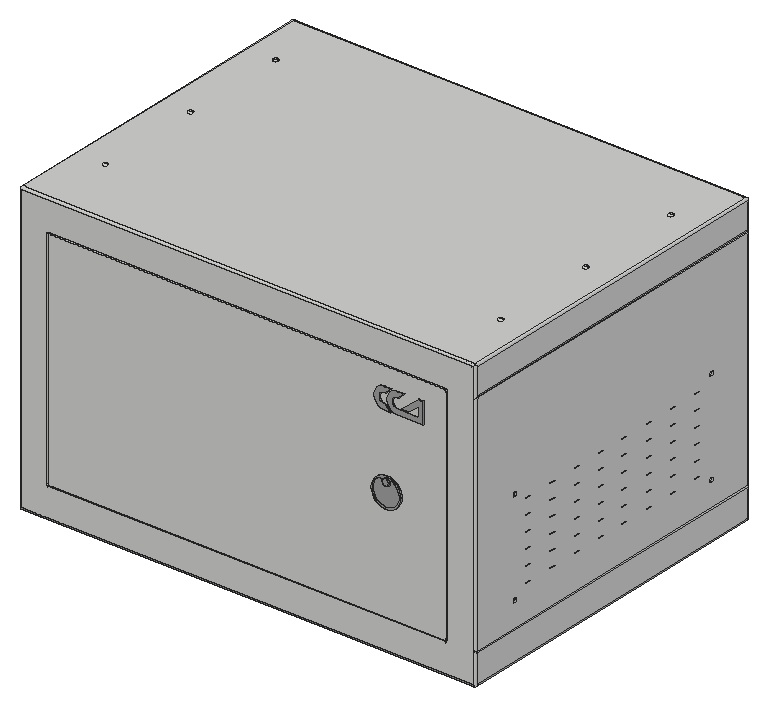
Revit family "Шкаф антивандальный настенный ШАН-М 19” 600x450", category Обобщенные модели, Revit 2019
Family settings
  Может служить основой для арматурных стержней = Нет
  Размер круглого соединителя = Использовать диаметр
  Тип детали = Нормальный
  На основе рабочей плоскости = Нет
  Всегда вертикально = Да
  При загрузке вырезать с полостями = Нет
  Общий = Нет
  Точка расчета площади = Нет
Parameters (values of type "Шкаф антивандальный настенный ШАН-М 19",6U(600*450) ССД")
  Высота заклепок = ADSK_Размер_Высота + 1.2 mm  # 381.2 mm
  ADSK_Этаж [instance] = ""
  ADSK_Размер_Ширина = 600 mm  # constant formula
  ADSK_Размер_Глубина = 450 mm  # constant formula
  ADSK_Размер_Высота = 380 mm
  ADSK_Примечание [instance] = ""
  ADSK_Предел огнестойкости = ""
  ADSK_Позиция [instance] = ""
  ADSK_Обозначение = "ШАН-М 6U (600х450мм)"
  ADSK_Наименование = "Шкаф антивандальный настенный ШАН-М 19\",6U(600*450) ССД"
  ADSK_Материал обозначение = "Серый RAL 7035"  # constant formula
  ADSK_Масса_Текст = "23,0"
  ADSK_Марка [instance] = "ШАН-М 6U (600х450мм)"
  ADSK_Количество = 1  # constant formula
  ADSK_Код изделия = "130411-00463"
  ADSK_Зона = ""
  ADSK_Завод-изготовитель = "АО СВЯЗЬСТРОЙДЕТАЛЬ"  # constant formula
  ADSK_Единица измерения = "шт."  # constant formula
  ADSK_URL страницы изделия = "https://www.ssd.ru/shkaf-antivandalnyy-nastennyy-shan-m-19-quot-6u-600-500"
  ADSK_URL документации изделия = "https://www.ssd.ru/upload/iblock/277/22hq47rvplltgvzus87gcrm6ssdb9wy9/ssoot_shan.pdf"
Types (7, lengths in mm): name | Высота заклепок | ADSK_Размер_Высота | ADSK_Обозначение | ADSK_Наименование | ADSK_Масса_Текст | ADSK_Марка | ADSK_Код изделия | ADSK_URL страницы изделия
  (no name) | 381.2 | 380 | "ШАН-М 6U (600х450мм)" | "Шкаф антивандальный настенный ШАН-М 19\",6U(600*450) ССД" | "23,0" | "ШАН-М 6U (600х450мм)" | "130411-00463" | "https://www.ssd.ru/shkaf-antivandalnyy-nastennyy-shan-m-19-quot-6u-600-500"
  Шкаф антивандальный настенный ШАН-М 19",6U(600*450) ССД | 381.2 | 380 | "ШАН-М 6U (600х450мм)" | "Шкаф антивандальный настенный ШАН-М 19\",6U(600*450) ССД" | "23,0" | "ШАН-М 6U (600х450мм)" | "130411-00463" | "https://www.ssd.ru/shkaf-antivandalnyy-nastennyy-shan-m-19-quot-6u-600-500"
  Шкаф антивандальный настенный ШАН-М 19",9U(600*450) ССД | 514.2 | 513 | "ШАН-М 9U (600х450мм)" | "Шкаф антивандальный настенный ШАН-М 19\",9U(600*450) ССД" | "27,0" | "ШАН-М 9U (600х450мм)" | "130411-00464" | "https://www.ssd.ru/shkaf-antivandalnyy-nastennyy-shan-m-19-quot-9u-600-500"
  Шкаф антивандальный настенный ШАН-М 19",12U(600*450) ССД | 648.2 | 647 | "ШАН-М 12U (600х450мм)" | "Шкаф антивандальный настенный ШАН-М 19\",12U(600*450) ССД" | "31,7" | "ШАН-М 12U (600х450мм)" | "130411-00465" | "https://www.ssd.ru/shkaf-antivandalnyy-nastennyy-shan-m-19-quot-12u-600-500"
  Шкаф антивандальный настенный ШАН-М 19",15U(600*450) ССД | 781.2 | 780 | "ШАН-М 15U (600х450мм)" | "Шкаф антивандальный настенный ШАН-М 19\",15U(600*450) ССД" | "36,0" | "ШАН-М 15U (600х450мм)" | "130411-00466" | "https://www.ssd.ru/shkaf-antivandalnyy-nastennyy-shan-m-19-quot-15u-600-500"
  Шкаф антивандальный настенный ШАН-М 19",18U(600*450) ССД | 915.2 | 914 | "ШАН-М 18U (600х450мм)" | "Шкаф антивандальный настенный ШАН-М 19\",18U(600*450) ССД" | "41,0" | "ШАН-М 18U (600х450мм)" | "130411-00467" | "https://www.ssd.ru/shkaf-antivandalnyy-nastennyy-shan-m-19-quot-18u-600-500"
  Шкаф антивандальный настенный ШАН-М 19",22U(600*450) ССД | 1093.2 | 1092 | "ШАН-М 22U (600х450мм)" | "Шкаф антивандальный настенный ШАН-М 19\",22U(600*450) ССД" | "47,3" | "ШАН-М 22U (600х450мм)" | "130411-00468" | "https://www.ssd.ru/shkaf-antivandalnyy-nastennyy-shan-m-19-quot-22u-600-500"
Reference planes
  plane 1 "По центру (Вперед/Назад)": y = 0
  plane 2: z = 0
  plane 3 "По центру (Влево/Вправо)": x = 0
  plane 4: y = -225
  plane 5: y = 225
  plane 6: x = 300
  plane 7: x = -300
  plane 8: z = 380
  plane 9: z = 205.141
  plane 10: z = 205.141
  plane 11: z = 190
  plane 12: z = 190
  plane 13: z = 205.141
Forms (mm)
  Extrusion 1, solid, material "RAL 7035"
    sketch origin (0, 0, 0) x (1, 0, 0) y (0, 1, 0)
      loop
        line (-300, 225) -> (-300, -225) -> (300, -225) -> (300, 225) -> (-300, 225)
    from 0 to 380
  Extrusion 2, void, detail levels medium+fine
    sketch origin (0, 0, 0) x (0, 1, 0) y (0, 0, 1)
      loop
        line (225, 380) -> (222, 380)
        arc (222, 380) -> (224.121, 379.121) -> (225, 377) r 3
        line (225, 377) -> (225, 380)
      loop
        line (-225, 380) -> (-225, 377)
        arc (-225, 377) -> (-224.121, 379.121) -> (-222, 380) r 3
        line (-222, 380) -> (-225, 380)
    from -300 to 300
  Extrusion 3, void, detail levels medium+fine
    sketch origin (0, 0, 0) x (0, 1, 0) y (0, 0, 1)
      loop
        line (225, 0) -> (225, 3)
        arc (225, 3) -> (224.121, 0.879) -> (222, 0) r 3
        line (222, 0) -> (225, 0)
      loop
        line (-225, 0) -> (-222, 0)
        arc (-222, 0) -> (-224.121, 0.879) -> (-225, 3) r 3
        line (-225, 3) -> (-225, 0)
    from -300 to 300
  Extrusion 4, void, detail levels medium+fine
    sketch origin (0, 0, 0) x (1, 0, 0) y (0, 0, 1)
      loop
        line (-300, 0) -> (-297, 0)
        arc (-297, 0) -> (-299.121, 0.879) -> (-300, 3) r 3
        line (-300, 3) -> (-300, 0)
      loop
        line (300, 0) -> (300, 3)
        arc (300, 3) -> (299.121, 0.879) -> (297, 0) r 3
        line (297, 0) -> (300, 0)
    from -225 to 225
  Extrusion 5, void, detail levels medium+fine
    sketch origin (0, 0, 380) x (1, 0, 0) y (0, 0, 1)
      loop
        line (-300, 0) -> (-300, -3)
        arc (-300, -3) -> (-299.121, -0.879) -> (-297, 0) r 3
        line (-297, 0) -> (-300, 0)
      loop
        line (300, 0) -> (297, 0)
        arc (297, 0) -> (299.121, -0.879) -> (300, -3) r 3
        line (300, -3) -> (300, 0)
    from -225 to 225
  Extrusion 6, void, detail levels medium+fine
    sketch origin (0, 0, 0) x (1, 0, 0) y (0, 1, 0)
      loop
        line (300, 225) -> (297, 225)
        arc (297, 225) -> (299.121, 224.121) -> (300, 222) r 3
        line (300, 222) -> (300, 225)
      loop
        line (-300, 225) -> (-300, 222)
        arc (-300, 222) -> (-299.121, 224.121) -> (-297, 225) r 3
        line (-297, 225) -> (-300, 225)
      loop
        line (300, -225) -> (300, -222)
        arc (300, -222) -> (299.121, -224.121) -> (297, -225) r 3
        line (297, -225) -> (300, -225)
      loop
        line (-300, -225) -> (-297, -225)
        arc (-297, -225) -> (-299.121, -224.121) -> (-300, -222) r 3
        line (-300, -222) -> (-300, -225)
    from 0 to 380
  Extrusion 7, void, detail levels medium+fine
    sketch origin (0, 0, 0) x (1, 0, 0) y (0, 0, 1)
      loop
        arc (-297, 340) -> (-299.121, 340.879) -> (-300, 343) r 3
        line (-300, 343) -> (-300, 340) -> (-297, 340)
      loop
        line (297, 340) -> (300, 340) -> (300, 343)
        arc (300, 343) -> (299.121, 340.879) -> (297, 340) r 3
    from -225 to 225
  Extrusion 8, void, detail levels medium+fine
    sketch origin (0, 0, 0) x (0, 1, 0) y (0, 0, 1)
      loop
        arc (225, 343) -> (224.121, 340.879) -> (222, 340) r 3
        line (222, 340) -> (225, 340) -> (225, 343)
    from -300 to 300
  Extrusion 9, void, detail levels medium+fine
    sketch origin (0, 0, 0) x (1, 0, 0) y (0, 0, 1)
      loop
        arc (-260.5, 340) -> (-262.621, 339.121) -> (-263.5, 337) r 3
        line (-263.5, 337) -> (-263.5, 43)
        arc (-263.5, 43) -> (-262.621, 40.879) -> (-260.5, 40) r 3
        line (-260.5, 40) -> (260.5, 40)
        arc (260.5, 40) -> (262.621, 40.879) -> (263.5, 43) r 3
        line (263.5, 43) -> (263.5, 337)
        arc (263.5, 337) -> (262.621, 339.121) -> (260.5, 340) r 3
        line (260.5, 340) -> (-260.5, 340)
      loop
        arc (261.5, 335) -> (260.621, 337.121) -> (258.5, 338) r 3
        line (258.5, 338) -> (-258.5, 338)
        arc (-258.5, 338) -> (-260.621, 337.121) -> (-261.5, 335) r 3
        line (-261.5, 335) -> (-261.5, 45)
        arc (-261.5, 45) -> (-260.621, 42.879) -> (-258.5, 42) r 3
        line (-258.5, 42) -> (258.5, 42)
        arc (258.5, 42) -> (260.621, 42.879) -> (261.5, 45) r 3
        line (261.5, 45) -> (261.5, 335)
    from 192.134 to 225
  Extrusion 10, void
    sketch origin (0, 0, 0) x (1, 0, 0) y (0, 1, 0)
      loop
        line (-297, 222) -> (-297, -189.924) -> (297, -189.924) -> (297, 222) -> (-297, 222)
    from 3 to 377
  Extrusion 11, void, detail levels medium+fine
    sketch origin (0, 0, 603) x (1, 0, 0) y (0, 0, 1)
      loop
        line (-297, -560) -> (-300, -560) -> (-300, -563)
        arc (-300, -563) -> (-299.121, -560.879) -> (-297, -560) r 3
      loop
        arc (297, -560) -> (299.121, -560.879) -> (300, -563) r 3
        line (300, -563) -> (300, -560) -> (297, -560)
    from -225 to 225
  Extrusion 12, void, detail levels fine
    sketch origin (-300, 2000, 1200) x (0, -1, 0) y (0, 0, 1)
      loop
        line (1856, -1011.5) -> (1856, -1013.5) -> (1866, -1013.5) -> (1866, -1011.5) -> (1856, -1011.5)
      loop
        line (1896, -1011.5) -> (1896, -1013.5) -> (1906, -1013.5) -> (1906, -1011.5) -> (1896, -1011.5)
      loop
        line (1936, -1011.5) -> (1936, -1013.5) -> (1946, -1013.5) -> (1946, -1011.5) -> (1936, -1011.5)
      loop
        line (1976, -1011.5) -> (1976, -1013.5) -> (1986, -1013.5) -> (1986, -1011.5) -> (1976, -1011.5)
      loop
        line (2144, -1011.5) -> (2134, -1011.5) -> (2134, -1013.5) -> (2144, -1013.5) -> (2144, -1011.5)
      loop
        line (2104, -1011.5) -> (2094, -1011.5) -> (2094, -1013.5) -> (2104, -1013.5) -> (2104, -1011.5)
      loop
        line (2064, -1011.5) -> (2054, -1011.5) -> (2054, -1013.5) -> (2064, -1013.5) -> (2064, -1011.5)
      loop
        line (2024, -1011.5) -> (2014, -1011.5) -> (2014, -1013.5) -> (2024, -1013.5) -> (2024, -1011.5)
      loop
        line (1856, -1031.5) -> (1856, -1033.5) -> (1866, -1033.5) -> (1866, -1031.5) -> (1856, -1031.5)
      loop
        line (1896, -1031.5) -> (1896, -1033.5) -> (1906, -1033.5) -> (1906, -1031.5) -> (1896, -1031.5)
      loop
        line (1936, -1031.5) -> (1936, -1033.5) -> (1946, -1033.5) -> (1946, -1031.5) -> (1936, -1031.5)
      loop
        line (1976, -1031.5) -> (1976, -1033.5) -> (1986, -1033.5) -> (1986, -1031.5) -> (1976, -1031.5)
      loop
        line (2144, -1031.5) -> (2134, -1031.5) -> (2134, -1033.5) -> (2144, -1033.5) -> (2144, -1031.5)
      loop
        line (2104, -1031.5) -> (2094, -1031.5) -> (2094, -1033.5) -> (2104, -1033.5) -> (2104, -1031.5)
      loop
        line (2064, -1031.5) -> (2054, -1031.5) -> (2054, -1033.5) -> (2064, -1033.5) -> (2064, -1031.5)
      loop
        line (2024, -1031.5) -> (2014, -1031.5) -> (2014, -1033.5) -> (2024, -1033.5) -> (2024, -1031.5)
      loop
        line (1856, -1051.5) -> (1856, -1053.5) -> (1866, -1053.5) -> (1866, -1051.5) -> (1856, -1051.5)
      loop
        line (1896, -1051.5) -> (1896, -1053.5) -> (1906, -1053.5) -> (1906, -1051.5) -> (1896, -1051.5)
      loop
        line (1936, -1051.5) -> (1936, -1053.5) -> (1946, -1053.5) -> (1946, -1051.5) -> (1936, -1051.5)
      loop
        line (1976, -1051.5) -> (1976, -1053.5) -> (1986, -1053.5) -> (1986, -1051.5) -> (1976, -1051.5)
      loop
        line (2144, -1051.5) -> (2134, -1051.5) -> (2134, -1053.5) -> (2144, -1053.5) -> (2144, -1051.5)
      loop
        line (2104, -1051.5) -> (2094, -1051.5) -> (2094, -1053.5) -> (2104, -1053.5) -> (2104, -1051.5)
      loop
        line (2064, -1051.5) -> (2054, -1051.5) -> (2054, -1053.5) -> (2064, -1053.5) -> (2064, -1051.5)
      loop
        line (2024, -1051.5) -> (2014, -1051.5) -> (2014, -1053.5) -> (2024, -1053.5) -> (2024, -1051.5)
      loop
        line (1856, -1071.5) -> (1856, -1073.5) -> (1866, -1073.5) -> (1866, -1071.5) -> (1856, -1071.5)
      loop
        line (1896, -1071.5) -> (1896, -1073.5) -> (1906, -1073.5) -> (1906, -1071.5) -> (1896, -1071.5)
      loop
        line (1936, -1071.5) -> (1936, -1073.5) -> (1946, -1073.5) -> (1946, -1071.5) -> (1936, -1071.5)
      loop
        line (1976, -1071.5) -> (1976, -1073.5) -> (1986, -1073.5) -> (1986, -1071.5) -> (1976, -1071.5)
      loop
        line (2144, -1071.5) -> (2134, -1071.5) -> (2134, -1073.5) -> (2144, -1073.5) -> (2144, -1071.5)
      loop
        line (2104, -1071.5) -> (2094, -1071.5) -> (2094, -1073.5) -> (2104, -1073.5) -> (2104, -1071.5)
      loop
        line (2064, -1071.5) -> (2054, -1071.5) -> (2054, -1073.5) -> (2064, -1073.5) -> (2064, -1071.5)
      loop
        line (2024, -1071.5) -> (2014, -1071.5) -> (2014, -1073.5) -> (2024, -1073.5) -> (2024, -1071.5)
      loop
        line (1856, -1091.5) -> (1856, -1093.5) -> (1866, -1093.5) -> (1866, -1091.5) -> (1856, -1091.5)
      loop
        line (1896, -1091.5) -> (1896, -1093.5) -> (1906, -1093.5) -> (1906, -1091.5) -> (1896, -1091.5)
      loop
        line (1936, -1091.5) -> (1936, -1093.5) -> (1946, -1093.5) -> (1946, -1091.5) -> (1936, -1091.5)
      loop
        line (1976, -1091.5) -> (1976, -1093.5) -> (1986, -1093.5) -> (1986, -1091.5) -> (1976, -1091.5)
      loop
        line (2144, -1091.5) -> (2134, -1091.5) -> (2134, -1093.5) -> (2144, -1093.5) -> (2144, -1091.5)
      loop
        line (2104, -1091.5) -> (2094, -1091.5) -> (2094, -1093.5) -> (2104, -1093.5) -> (2104, -1091.5)
      loop
        line (2064, -1091.5) -> (2054, -1091.5) -> (2054, -1093.5) -> (2064, -1093.5) -> (2064, -1091.5)
      loop
        line (2024, -1091.5) -> (2014, -1091.5) -> (2014, -1093.5) -> (2024, -1093.5) -> (2024, -1091.5)
      loop
        line (1856, -1111.5) -> (1856, -1113.5) -> (1866, -1113.5) -> (1866, -1111.5) -> (1856, -1111.5)
      loop
        line (1896, -1111.5) -> (1896, -1113.5) -> (1906, -1113.5) -> (1906, -1111.5) -> (1896, -1111.5)
      loop
        line (1936, -1111.5) -> (1936, -1113.5) -> (1946, -1113.5) -> (1946, -1111.5) -> (1936, -1111.5)
      loop
        line (1976, -1111.5) -> (1976, -1113.5) -> (1986, -1113.5) -> (1986, -1111.5) -> (1976, -1111.5)
      loop
        line (2144, -1111.5) -> (2134, -1111.5) -> (2134, -1113.5) -> (2144, -1113.5) -> (2144, -1111.5)
      loop
        line (2104, -1111.5) -> (2094, -1111.5) -> (2094, -1113.5) -> (2104, -1113.5) -> (2104, -1111.5)
      loop
        line (2064, -1111.5) -> (2054, -1111.5) -> (2054, -1113.5) -> (2064, -1113.5) -> (2064, -1111.5)
      loop
        line (2024, -1111.5) -> (2014, -1111.5) -> (2014, -1113.5) -> (2024, -1113.5) -> (2024, -1111.5)
    from -600 to 0
  Blend 13, solid, material "RAL 7035", detail levels fine
    base sketch origin (-101.45, -255.892, 0) x (1, 0, 0) y (0, 1, 0)
      loop
        circle (-158.3, 122.142) r 3
    top sketch origin (-101.45, -255.892, 0) x (1, 0, 0) y (0, 1, 0)
      loop
        circle (-158.3, 122.142) r 1.8
    from 380 to 381.2 <- "Высота заклепок"
  Blend 14, solid, material "RAL 7035", detail levels fine
    base sketch origin (101.45, -255.892, 0) x (-1, 0, 0) y (0, -1, 0)
      loop
        circle (-158.3, -122.142) r 3
    top sketch origin (101.45, -255.892, 0) x (-1, 0, 0) y (0, -1, 0)
      loop
        circle (-158.3, -122.142) r 1.8
    from 380 to 381.2 <- "Высота заклепок"
  Blend 15, solid, material "RAL 7035", detail levels fine
    base sketch origin (-101.45, -115.892, 0) x (1, 0, 0) y (0, 1, 0)
      loop
        circle (-158.3, 122.142) r 3
    top sketch origin (-101.45, -115.892, 0) x (1, 0, 0) y (0, 1, 0)
      loop
        circle (-158.3, 122.142) r 1.8
    from 380 to 381.2 <- "Высота заклепок"
  Blend 16, solid, material "RAL 7035", detail levels fine
    base sketch origin (101.45, -115.892, 0) x (-1, 0, 0) y (0, -1, 0)
      loop
        circle (-158.3, -122.142) r 3
    top sketch origin (101.45, -115.892, 0) x (-1, 0, 0) y (0, -1, 0)
      loop
        circle (-158.3, -122.142) r 1.8
    from 380 to 381.2 <- "Высота заклепок"
  Blend 17, solid, material "RAL 7035", detail levels fine
    base sketch origin (-101.45, 24.108, 0) x (1, 0, 0) y (0, 1, 0)
      loop
        circle (-158.3, 122.142) r 3
    top sketch origin (-101.45, 24.108, 0) x (1, 0, 0) y (0, 1, 0)
      loop
        circle (-158.3, 122.142) r 1.8
    from 380 to 381.2 <- "Высота заклепок"
  Blend 18, solid, material "RAL 7035", detail levels fine
    base sketch origin (101.45, 24.108, 0) x (-1, 0, 0) y (0, -1, 0)
      loop
        circle (-158.3, -122.142) r 3
    top sketch origin (101.45, 24.108, 0) x (-1, 0, 0) y (0, -1, 0)
      loop
        circle (-158.3, -122.142) r 1.8
    from 380 to 381.2 <- "Высота заклепок"
  Blend 19, solid, material "RAL 7035", detail levels fine
    base sketch origin (-300, 2020.374, 1185.94) x (0, 1, 0) y (0, 0, 1)
      loop
        circle (-1858.874, -984.94) r 3
    top sketch origin (-300, 2020.374, 1185.94) x (0, 1, 0) y (0, 0, 1)
      loop
        circle (-1858.874, -984.94) r 1.8
    from 0 to -1.2
  Blend 20, solid, material "RAL 7035", detail levels fine
    base sketch origin (-300, 2020.374, 1060.94) x (0, 1, 0) y (0, 0, 1)
      loop
        circle (-1858.874, -984.94) r 3
    top sketch origin (-300, 2020.374, 1060.94) x (0, 1, 0) y (0, 0, 1)
      loop
        circle (-1858.874, -984.94) r 1.8
    from 0 to -1.2
  Blend 21, solid, material "RAL 7035", detail levels fine
    base sketch origin (-300, -2020.374, 1185.94) x (0, -1, 0) y (0, 0, -1)
      loop
        circle (-1858.874, 984.94) r 3
    top sketch origin (-300, -2020.374, 1185.94) x (0, -1, 0) y (0, 0, -1)
      loop
        circle (-1858.874, 984.94) r 1.8
    from 0 to -1.2
  Blend 22, solid, material "RAL 7035", detail levels fine
    base sketch origin (-300, -2020.374, 1060.94) x (0, -1, 0) y (0, 0, -1)
      loop
        circle (-1858.874, 984.94) r 3
    top sketch origin (-300, -2020.374, 1060.94) x (0, -1, 0) y (0, 0, -1)
      loop
        circle (-1858.874, 984.94) r 1.8
    from 0 to -1.2
  Blend 23, solid, material "RAL 7035", not visible, detail levels fine
    base sketch origin (-300, 2020.374, 1185.94) x (0, 1, 0) y (0, 0, 1)
      loop
        circle (-1858.874, -984.94) r 3
    top sketch origin (-300, 2020.374, 1185.94) x (0, 1, 0) y (0, 0, 1)
      loop
        circle (-1858.874, -984.94) r 1.8
    from 0 to -1.2
  Blend 24, solid, material "RAL 7035", not visible, detail levels fine
    base sketch origin (-300, -2020.374, 1185.94) x (0, -1, 0) y (0, 0, -1)
      loop
        circle (-1858.874, 984.94) r 3
    top sketch origin (-300, -2020.374, 1185.94) x (0, -1, 0) y (0, 0, -1)
      loop
        circle (-1858.874, 984.94) r 1.8
    from 0 to -1.2
  Blend 25, solid, material "RAL 7035", detail levels fine
    base sketch origin (-101.45, -255.892, 360.716) x (0, -1, 0) y (1, 0, 0)
      loop
        circle (-122.142, -158.3) r 3
    top sketch origin (-101.45, -255.892, 360.716) x (0, -1, 0) y (1, 0, 0)
      loop
        circle (-122.142, -158.3) r 1.8
    from -360.716 to -361.9
  Blend 26, solid, material "RAL 7035", detail levels fine
    base sketch origin (-101.45, -115.892, 360.716) x (0, -1, 0) y (1, 0, 0)
      loop
        circle (-122.142, -158.3) r 3
    top sketch origin (-101.45, -115.892, 360.716) x (0, -1, 0) y (1, 0, 0)
      loop
        circle (-122.142, -158.3) r 1.8
    from -360.716 to -361.9
  Blend 27, solid, material "RAL 7035", detail levels fine
    base sketch origin (-101.45, 24.108, 360.716) x (0, -1, 0) y (1, 0, 0)
      loop
        circle (-122.142, -158.3) r 3
    top sketch origin (-101.45, 24.108, 360.716) x (0, -1, 0) y (1, 0, 0)
      loop
        circle (-122.142, -158.3) r 1.8
    from -360.716 to -361.9
  Blend 28, solid, material "RAL 7035", detail levels fine
    base sketch origin (101.45, -255.892, 360.716) x (0, 1, 0) y (-1, 0, 0)
      loop
        circle (122.142, -158.3) r 3
    top sketch origin (101.45, -255.892, 360.716) x (0, 1, 0) y (-1, 0, 0)
      loop
        circle (122.142, -158.3) r 1.8
    from -360.716 to -361.9
  Blend 29, solid, material "RAL 7035", detail levels fine
    base sketch origin (101.45, -115.892, 360.716) x (0, 1, 0) y (-1, 0, 0)
      loop
        circle (122.142, -158.3) r 3
    top sketch origin (101.45, -115.892, 360.716) x (0, 1, 0) y (-1, 0, 0)
      loop
        circle (122.142, -158.3) r 1.8
    from -360.716 to -361.9
  Blend 30, solid, material "RAL 7035", detail levels fine
    base sketch origin (101.45, 24.108, 360.716) x (0, 1, 0) y (-1, 0, 0)
      loop
        circle (122.142, -158.3) r 3
    top sketch origin (101.45, 24.108, 360.716) x (0, 1, 0) y (-1, 0, 0)
      loop
        circle (122.142, -158.3) r 1.8
    from -360.716 to -361.9
  Extrusion 31, solid, material "Заглушка", detail levels medium+fine
    sketch origin (-21.375, 0, -15.141) x (1, 0, 0) y (0, 0, 1)
      loop
        circle (204.875, 205.141) r 19.5
    from 225 to 226.5
  Extrusion 32, solid, material "По умолчанию", detail levels medium+fine
    sketch origin (-2.677, 0, -14.044) x (1, 0, 0) y (0, 0, 1)
      loop
        circle (186.177, 216.844) r 4
    from 226.5 to 227.6
  Extrusion 33, void, detail levels medium+fine
    sketch origin (0, 0, 0) x (1, 0, 0) y (0, 0, 1)
      loop
        line (178.264, 202.803) -> (178.264, 203.754)
        arc (178.264, 203.754) -> (177.057, 205.777) -> (174.704, 205.678) r 2.3
        arc (174.704, 205.678) -> (183.464, 172.403) -> (192.224, 205.678) r 17.79
        arc (192.224, 205.678) -> (189.87, 205.777) -> (188.664, 203.754) r 2.3
        line (188.664, 203.754) -> (188.664, 202.803)
        arc (188.664, 202.803) -> (183.464, 197.603) -> (178.264, 202.803) r 5.2
    from 225.702 to 226.5
  Extrusion 34, solid, material "Заглушка", not visible, detail levels medium+fine
    sketch origin (-21.375, 0, -15.141) x (1, 0, 0) y (0, 0, 1)
      loop
        circle (204.875, 205.141) r 19.5
    from 225 to 226.5
  Extrusion 35, solid, material "По умолчанию", not visible, detail levels medium+fine
    sketch origin (-2.677, 0, -14.044) x (1, 0, 0) y (0, 0, 1)
      loop
        circle (186.177, 216.844) r 4
    from 226.5 to 227.6
  Extrusion 36, void, not visible, detail levels medium+fine
    sketch origin (0, 0, 0) x (1, 0, 0) y (0, 0, 1)
      loop
        line (178.264, 202.803) -> (178.264, 203.754)
        arc (178.264, 203.754) -> (177.057, 205.777) -> (174.704, 205.678) r 2.3
        arc (174.704, 205.678) -> (183.464, 172.403) -> (192.224, 205.678) r 17.79
        arc (192.224, 205.678) -> (189.87, 205.777) -> (188.664, 203.754) r 2.3
        line (188.664, 203.754) -> (188.664, 202.803)
        arc (188.664, 202.803) -> (183.464, 197.603) -> (178.264, 202.803) r 5.2
    from 225.702 to 226.5
  Blend 37, solid, material "RAL 7035", detail levels fine
    base sketch origin (300, 2020.374, 1060.94) x (0, 1, 0) y (0, 0, -1)
      loop
        circle (-1858.874, 984.94) r 3
    top sketch origin (300, 2020.374, 1060.94) x (0, 1, 0) y (0, 0, -1)
      loop
        circle (-1858.874, 984.94) r 1.8
    from 0 to -1.2
  Blend 38, solid, material "RAL 7035", detail levels fine
    base sketch origin (300, -2020.374, 1060.94) x (0, -1, 0) y (0, 0, 1)
      loop
        circle (-1858.874, -984.94) r 3
    top sketch origin (300, -2020.374, 1060.94) x (0, -1, 0) y (0, 0, 1)
      loop
        circle (-1858.874, -984.94) r 1.8
    from 0 to -1.2
  Blend 39, solid, material "RAL 7035", detail levels fine
    base sketch origin (300, -2020.374, 1185.94) x (0, -1, 0) y (0, 0, 1)
      loop
        circle (-2181.874, -984.94) r 3
    top sketch origin (300, -2020.374, 1185.94) x (0, -1, 0) y (0, 0, 1)
      loop
        circle (-2181.874, -984.94) r 1.8
    from 0 to -1.2
  Blend 40, solid, material "RAL 7035", detail levels fine
    base sketch origin (300, 2020.374, 1185.94) x (0, 1, 0) y (0, 0, -1)
      loop
        circle (-2181.874, 984.94) r 3
    top sketch origin (300, 2020.374, 1185.94) x (0, 1, 0) y (0, 0, -1)
      loop
        circle (-2181.874, 984.94) r 1.8
    from 0 to -1.2
  Extrusion 41, void, detail levels medium+fine
    sketch origin (0, 0, 410.282) x (0, 1, 0) y (0, 0, 1)
      loop
        line (225, -370.519) -> (225, -367.519) -> (222, -367.519)
        arc (222, -367.519) -> (224.121, -368.398) -> (225, -370.519) r 3
    from -300 to 300
Cuts and joins
  Extrusion 2, Extrusion 3, Extrusion 4, Extrusion 5, Extrusion 6, Extrusion 7, Extrusion 8, Extrusion 9, Extrusion 10, Extrusion 11, Extrusion 12, Extrusion 33, Extrusion 41 cuts Extrusion 1
  Extrusion 33 cuts Extrusion 31
Dimensions and locks
  equal spacing: plane 7, plane 3 "По центру (Влево/Вправо)", plane 6
  "ADSK_Размер_Ширина": plane 7 to plane 6
  equal spacing: plane 4, plane 1 "По центру (Вперед/Назад)", plane 5
  "ADSK_Размер_Глубина": plane 4 to plane 5
  "ADSK_Размер_Высота": plane 8 to level
  locked: plane 9 to level at 205.141
  equal spacing: plane 8, plane 11, level
  locked: nested 1 to plane 8 at 94
  aligned and locked: level to plane 2
  aligned and locked: plane 5 to Extrusion 1 sketch curve
  aligned and locked: plane 7 to Extrusion 1 sketch curve
  aligned and locked: Extrusion 1 sketch curve to plane 4
  aligned and locked: Extrusion 1 sketch curve to plane 6
  aligned and locked: plane 8 to Extrusion 1
  aligned and locked: Extrusion 1 to level
  aligned and locked: Extrusion 6 to Extrusion 1
  aligned and locked: Extrusion 2 to Extrusion 1
  aligned and locked: Extrusion 5 to Extrusion 1
  aligned and locked: Extrusion 2 to Extrusion 10
  aligned and locked: Blend 13 to plane 8
  aligned and locked: Blend 14 to plane 8
  aligned and locked: Blend 15 to plane 8
  aligned and locked: Blend 17 to plane 8
  aligned and locked: Blend 16 to plane 8
  aligned and locked: Blend 18 to plane 8
Automatic sketch dimensions
  Blend 19 sketch curve to plane 9 = 4.141 mm  (x2)
  Blend 21 sketch curve to plane 9 = 4.141 mm  (x2)
  Blend 23 sketch curve to plane 10 = 4.141 mm  (x2)
  Blend 24 sketch curve to plane 10 = 4.141 mm  (x2)
  Extrusion 33 sketch curve to Extrusion 33 sketch curve = 5.2 mm
  plane 11 to Extrusion 33 sketch curve = 0.194 mm
  Extrusion 33 sketch curve to Extrusion 33 sketch curve = 0 mm
  Extrusion 33 sketch curve to Extrusion 33 sketch curve = 2.3 mm  (x2)
  Extrusion 33 sketch curve to Extrusion 33 sketch curve = 0.951 mm  (x2)
  Extrusion 33 sketch curve to Extrusion 33 sketch curve = 1.26 mm
  Extrusion 31 sketch curve to plane 11 = 0 mm
  plane 11 to Extrusion 32 sketch curve = 12.8 mm
  plane 11 to Extrusion 33 sketch curve = 13.754 mm
  Extrusion 36 sketch curve to Extrusion 36 sketch curve = 5.2 mm
  plane 12 to Extrusion 36 sketch curve = 0.194 mm
  Extrusion 36 sketch curve to Extrusion 36 sketch curve = 0 mm
  Extrusion 36 sketch curve to Extrusion 36 sketch curve = 2.3 mm  (x2)
  Extrusion 36 sketch curve to Extrusion 36 sketch curve = 0.951 mm  (x2)
  Extrusion 36 sketch curve to Extrusion 36 sketch curve = 1.26 mm
  Extrusion 34 sketch curve to plane 12 = 0 mm
  plane 12 to Extrusion 35 sketch curve = 12.8 mm
  plane 12 to Extrusion 36 sketch curve = 13.754 mm
  Blend 39 sketch curve to plane 13 = 4.141 mm  (x2)
  Blend 40 sketch curve to plane 13 = 4.141 mm  (x2)
  Extrusion 2 sketch curve to plane 4 = 0 mm
  Extrusion 2 sketch curve to plane 8 = 0 mm  (x2)
  Extrusion 2 sketch curve to plane 5 = 0 mm
  Extrusion 2 sketch curve to plane 4 = 3 mm
  plane 5 to Extrusion 2 sketch curve = 3 mm
  Extrusion 3 sketch curve to plane 4 = 0 mm
  Extrusion 3 sketch curve to level = 0 mm  (x2)
  Extrusion 3 sketch curve to plane 5 = 0 mm
  Extrusion 3 sketch curve to plane 4 = 3 mm
  plane 5 to Extrusion 3 sketch curve = 3 mm
  Extrusion 4 sketch curve to plane 7 = 0 mm
  Extrusion 4 sketch curve to level = 0 mm  (x2)
  Extrusion 4 sketch curve to plane 6 = 0 mm
  level to Extrusion 4 sketch curve = 3 mm  (x2)
  Extrusion 5 sketch curve to plane 7 = 0 mm
  Extrusion 5 sketch curve to plane 8 = 0 mm  (x2)
  Extrusion 5 sketch curve to plane 6 = 0 mm
  Extrusion 5 sketch curve to plane 7 = 3 mm
  plane 6 to Extrusion 5 sketch curve = 3 mm
  Extrusion 6 sketch curve to plane 7 = 0 mm  (x2)
  plane 5 to Extrusion 6 sketch curve = 0 mm  (x2)
  plane 4 to Extrusion 6 sketch curve = 0 mm  (x2)
  Extrusion 6 sketch curve to plane 6 = 0 mm  (x2)
  plane 7 to Extrusion 6 sketch curve = 3 mm
  Extrusion 6 sketch curve to Extrusion 6 sketch curve = 3 mm  (x2)
  Extrusion 6 sketch curve to plane 6 = 3 mm
  Extrusion 7 sketch curve to plane 7 = 0 mm
  Extrusion 7 sketch curve to plane 6 = 0 mm
  plane 7 to Extrusion 7 sketch curve = 3 mm
  Extrusion 7 sketch curve to Extrusion 7 sketch curve = 3 mm
  Extrusion 7 sketch curve to plane 8 = 40 mm  (x2)
  Extrusion 8 sketch curve to plane 5 = 0 mm
  plane 5 to Extrusion 8 sketch curve = 3 mm
  Extrusion 8 sketch curve to plane 8 = 40 mm
  plane 7 to Extrusion 9 sketch curve = 36.5 mm
  Extrusion 9 sketch curve to Extrusion 9 sketch curve = 2 mm  (x7)
  Extrusion 9 sketch curve to Extrusion 9 sketch curve = 1 mm  (x3)
  Extrusion 9 sketch curve to Extrusion 9 sketch curve = 3 mm
  Extrusion 9 sketch curve to plane 6 = 41.5 mm  (x2)
  level to Extrusion 9 sketch curve = 40 mm
  Extrusion 9 sketch curve to plane 8 = 45 mm
  plane 7 to Extrusion 10 sketch curve = 3 mm
  Extrusion 10 sketch curve to plane 6 = 3 mm
  Extrusion 10 sketch curve to plane 4 = 35.076 mm
  plane 5 to Extrusion 10 sketch curve = 3 mm
  Extrusion 11 sketch curve to plane 7 = 0 mm
  Extrusion 11 sketch curve to plane 6 = 0 mm
  Extrusion 11 sketch curve to plane 7 = 3 mm
  Extrusion 11 sketch curve to Extrusion 11 sketch curve = 3 mm
  Extrusion 11 sketch curve to level = 43 mm  (x2)
  Extrusion 12 sketch curve to plane 11 = 1.5 mm  (x8)
  plane 5 to Extrusion 12 sketch curve = 81 mm  (x2)
  Extrusion 12 sketch curve to Extrusion 12 sketch curve = 0 mm  (x25)
  Extrusion 12 sketch curve to Extrusion 12 sketch curve = 10 mm  (x48)
  Extrusion 12 sketch curve to plane 11 = 3.5 mm  (x7)
  Extrusion 12 sketch curve to Extrusion 12 sketch curve = 30 mm  (x13)
  Extrusion 12 sketch curve to plane 1 "По центру (Вперед/Назад)" = 24 mm  (x2)
  plane 1 "По центру (Вперед/Назад)" to Extrusion 12 sketch curve = 14 mm  (x6)
  Extrusion 12 sketch curve to Extrusion 12 sketch curve = 18 mm  (x39)
  Extrusion 12 sketch curve to Extrusion 12 sketch curve = 20 mm
  Extrusion 12 sketch curve to Extrusion 12 sketch curve = 2 mm  (x41)
  plane 7 to Blend 13 sketch curve = 40.25 mm  (x2)
  Blend 13 sketch curve to plane 4 = 91.25 mm  (x2)
  plane 6 to Blend 14 sketch curve = 40.25 mm  (x2)
  plane 4 to Blend 14 sketch curve = 91.25 mm  (x2)
  Blend 15 sketch curve to plane 1 "По центру (Вперед/Назад)" = 6.25 mm  (x2)
  plane 7 to Blend 15 sketch curve = 40.25 mm  (x2)
  plane 1 "По центру (Вперед/Назад)" to Blend 16 sketch curve = 6.25 mm  (x2)
  plane 6 to Blend 16 sketch curve = 40.25 mm  (x2)
  plane 7 to Blend 17 sketch curve = 40.25 mm  (x2)
  plane 5 to Blend 17 sketch curve = 78.75 mm  (x2)
  plane 6 to Blend 18 sketch curve = 40.25 mm  (x2)
  Blend 18 sketch curve to plane 5 = 78.75 mm  (x2)
  plane 5 to Blend 20 sketch curve = 63.5 mm  (x2)
  level to Blend 20 sketch curve = 76 mm  (x2)
  Blend 22 sketch curve to plane 4 = 63.5 mm  (x2)
  level to Blend 22 sketch curve = 76 mm  (x2)
  plane 7 to Blend 25 sketch curve = 40.25 mm  (x2)
  Blend 25 sketch curve to plane 4 = 91.25 mm  (x2)
  Blend 26 sketch curve to plane 1 "По центру (Вперед/Назад)" = 6.25 mm  (x2)
  plane 7 to Blend 26 sketch curve = 40.25 mm  (x2)
  plane 5 to Blend 27 sketch curve = 78.75 mm  (x2)
  plane 7 to Blend 27 sketch curve = 40.25 mm  (x2)
  Blend 28 sketch curve to plane 6 = 40.25 mm  (x2)
  Blend 28 sketch curve to plane 4 = 91.25 mm  (x2)
  Blend 29 sketch curve to plane 1 "По центру (Вперед/Назад)" = 6.25 mm  (x2)
  Blend 29 sketch curve to plane 6 = 40.25 mm  (x2)
  plane 5 to Blend 30 sketch curve = 78.75 mm  (x2)
  Blend 30 sketch curve to plane 6 = 40.25 mm  (x2)
  plane 5 to Blend 37 sketch curve = 63.5 mm  (x2)
  level to Blend 37 sketch curve = 76 mm  (x2)
  Blend 38 sketch curve to plane 4 = 63.5 mm  (x2)
  level to Blend 38 sketch curve = 76 mm  (x2)
  Extrusion 41 sketch curve to plane 5 = 0 mm
  Extrusion 41 sketch curve to Extrusion 41 sketch curve = 3 mm
  Extrusion 41 sketch curve to level = 42.763 mm
  radius of Blend 19 sketch curve = 3 mm
  radius of Blend 19 sketch curve = 1.8 mm
  radius of Blend 21 sketch curve = 3 mm
  radius of Blend 21 sketch curve = 1.8 mm
  radius of Blend 23 sketch curve = 3 mm
  radius of Blend 23 sketch curve = 1.8 mm
  radius of Blend 24 sketch curve = 3 mm
  radius of Blend 24 sketch curve = 1.8 mm
  radius of Extrusion 31 sketch curve = 19.5 mm
  radius of Extrusion 32 sketch curve = 4 mm
  radius of Extrusion 34 sketch curve = 19.5 mm
  radius of Extrusion 35 sketch curve = 4 mm
  radius of Blend 39 sketch curve = 3 mm
  radius of Blend 39 sketch curve = 1.8 mm
  radius of Blend 40 sketch curve = 3 mm
  radius of Blend 40 sketch curve = 1.8 mm
  radius of Blend 13 sketch curve = 3 mm
  radius of Blend 13 sketch curve = 1.8 mm
  radius of Blend 14 sketch curve = 3 mm
  radius of Blend 14 sketch curve = 1.8 mm
  radius of Blend 15 sketch curve = 3 mm
  radius of Blend 15 sketch curve = 1.8 mm
  radius of Blend 16 sketch curve = 3 mm
  radius of Blend 16 sketch curve = 1.8 mm
  radius of Blend 17 sketch curve = 3 mm
  radius of Blend 17 sketch curve = 1.8 mm
  radius of Blend 18 sketch curve = 3 mm
  radius of Blend 18 sketch curve = 1.8 mm
  radius of Blend 20 sketch curve = 3 mm
  radius of Blend 20 sketch curve = 1.8 mm
  radius of Blend 22 sketch curve = 3 mm
  radius of Blend 22 sketch curve = 1.8 mm
  radius of Blend 25 sketch curve = 3 mm
  radius of Blend 25 sketch curve = 1.8 mm
  radius of Blend 26 sketch curve = 3 mm
  radius of Blend 26 sketch curve = 1.8 mm
  radius of Blend 27 sketch curve = 3 mm
  radius of Blend 27 sketch curve = 1.8 mm
  radius of Blend 28 sketch curve = 3 mm
  radius of Blend 28 sketch curve = 1.8 mm
  radius of Blend 29 sketch curve = 3 mm
  radius of Blend 29 sketch curve = 1.8 mm
  radius of Blend 30 sketch curve = 3 mm
  radius of Blend 30 sketch curve = 1.8 mm
  radius of Blend 37 sketch curve = 3 mm
  radius of Blend 37 sketch curve = 1.8 mm
  radius of Blend 38 sketch curve = 3 mm
  radius of Blend 38 sketch curve = 1.8 mm
Nested families
  nested 1: "Логотип" at (-81.031, -225, -244.796) x (1, 0, 0) z (0, -1, 0), type "Логотип", detail levels medium+fine
Definition of nested family "Логотип"
  Parameters (values of type "Логотип")
    Default Elevation = 1219.2 mm
  Reference planes
    plane 1 "По центру (Вперед/Назад)": y = 0
    plane 2: z = 0
    plane 3 "По центру (Влево/Вправо)": x = 0
  Forms (mm)
    Extrusion 1, solid, detail levels medium+fine
      sketch origin (0, 0, 0) x (1, 0, 0) y (0, 1, 0)
        loop
          arc (262.281, 558.796) -> (248.281, 544.796) -> (262.281, 530.796) r 14
          line (262.281, 530.796) -> (270.281, 530.796) -> (263.981, 537.796) -> (262.281, 537.796)
          arc (262.281, 537.796) -> (255.281, 544.796) -> (262.281, 551.796) r 7
          line (262.281, 551.796) -> (263.981, 551.796) -> (270.281, 558.796) -> (262.281, 558.796)
        loop
          arc (279.531, 558.796) -> (265.531, 544.796) -> (279.531, 530.796) r 14
          line (279.531, 530.796) -> (313.031, 530.796) -> (313.031, 558.796) -> (307.031, 558.796) -> (284.387, 539.796) -> (293.921, 539.796) -> (307.031, 550.796) -> (307.031, 537.796) -> (279.531, 537.796)
          arc (279.531, 537.796) -> (272.531, 544.796) -> (279.531, 551.796) r 7
          line (279.531, 551.796) -> (281.231, 551.796) -> (287.531, 558.796) -> (279.531, 558.796)
      from 0 to 1
  Dimensions and locks
    aligned and locked: level to plane 2
